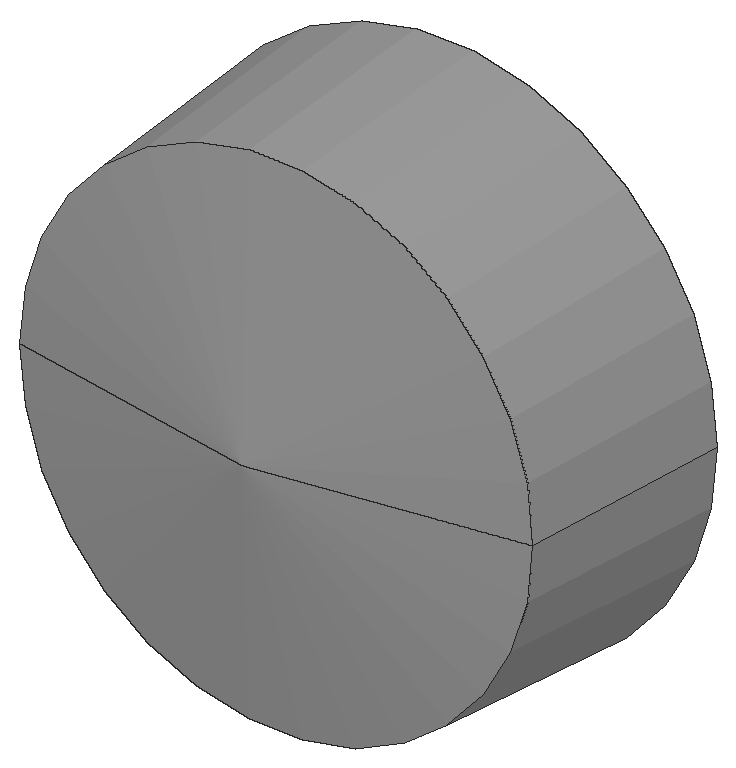
Revit family "VK506", category Sprinklers, Revit 2012
Parameters
  URL = "http://www.vikinggroupinc.com/databook/sprinklers/storage/081612.pdf"
  Model = "VK506"
  Manufacturer = "Viking"
  K-Factor = 22.4
Reference planes (in)
  plane 1 "Center (Front/Back)": y = 0
  plane 2: z = 0
  plane 3 "Center (Left/Right)": x = 0
Forms (in)
  Revolve 1, solid, material "Default"
    sketch origin (0, 0, 0) x (1, 0, 0) y (0, 1, 0)
      loop
        line (-0.10067, 0.73306) -> (0, 0.71618) -> (0, 0.81595) -> (-0.10647, 0.81595) -> (-0.10067, 0.73306)
      axis (0, 0.81595) -> (0, 0.71618)
    angle from 0 to 360
Dimensions and locks (in)
  aligned and locked: plane 2 to level
